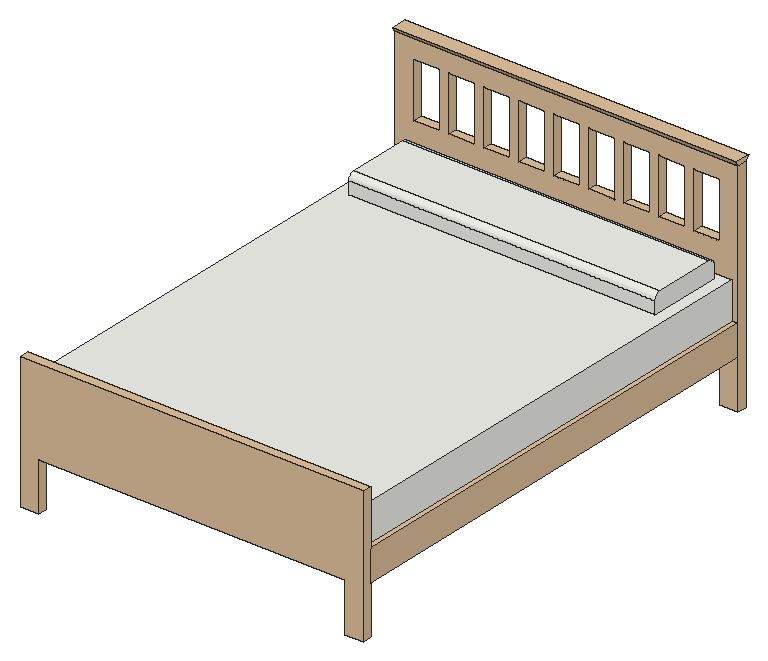
Revit family
Parameters (values of type "Double 56" x 78"")
  Assembly Code = "E2020200"
  Frame Material = Wood - Birch
  Length = 6' - 6"
  Mattress Material = Textile - White
  Width = 4' - 8"
Types (4): name | Length | Width
  Double 56" x 78" | 6' - 6" | 4' - 8"
  Twin 41" x 78" | 6' - 6" | 3' - 5"
  Queen 62" x 83" | 6' - 11" | 5' - 2"
  King 78" x 83" | 6' - 11" | 6' - 6"
Reference planes (in)
  plane 1 "Back": y = 0
  plane 2: z = 0
  plane 3 "Center (Left/Right)": x = -0.75
  plane 4: x = -28.75
  plane 5: x = 27.25
  plane 6 "Front": y = -78
  plane 7: z = 36
  plane 8: z = 19
  plane 9: x = 25.75
  plane 10: x = -25.75
  plane 11: x = 24.25
Forms (in)
  Extrusion 1, solid, material "Wood - Birch" <- "Frame Material"
    sketch origin (0, 0, 0) x (1, 0, 0) y (0, 0, 1)
      loop
        line (-28.7416, 36) -> (-28.7416, 0) -> (-25.75, 0) -> (-25.75, 8) -> (24.25, 8) -> (24.25, 0) -> (27.2605, 0) -> (27.2605, 36) -> (-28.7416, 36)
      loop
        line (-25.75, 33) -> (-25.75, 24) -> (-21.52778, 24) -> (-21.52778, 33) -> (-25.75, 33)
      loop
        line (-20.02778, 33) -> (-20.02778, 24) -> (-15.80556, 24) -> (-15.80556, 33) -> (-20.02778, 33)
      loop
        line (-14.30556, 33) -> (-14.30556, 24) -> (-10.08333, 24) -> (-10.08333, 33) -> (-14.30556, 33)
      loop
        line (-8.58333, 33) -> (-8.58333, 24) -> (-4.36111, 24) -> (-4.36111, 33) -> (-8.58333, 33)
      loop
        line (2.86111, 33) -> (2.86111, 24) -> (7.08333, 24) -> (7.08333, 33) -> (2.86111, 33)
      loop
        line (8.58333, 33) -> (8.58333, 24) -> (12.80556, 24) -> (12.80556, 33) -> (8.58333, 33)
      loop
        line (14.30556, 33) -> (14.30556, 24) -> (18.52778, 24) -> (18.52778, 33) -> (14.30556, 33)
      loop
        line (20.02778, 33) -> (20.02778, 24) -> (24.25, 24) -> (24.25, 33) -> (20.02778, 33)
      loop
        line (-2.86111, 33) -> (-2.86111, 24) -> (1.36111, 24) -> (1.36111, 33) -> (-2.86111, 33)
    from 0 to 1.5
  Extrusion 2, solid, material "Wood - Birch" <- "Frame Material"
    sketch origin (0, -78, 0) x (1, 0, 0) y (0, 0, 1)
      loop
        line (-28.75, 0) -> (-25.75, 0) -> (-25.75, 8) -> (24.25, 8) -> (24.25, 0) -> (27.25, 0) -> (27.25, 22) -> (-28.75, 22) -> (-28.75, 0)
    from 0 to -1.5
  Extrusion 3, solid, material "Wood - Birch" <- "Frame Material"
    sketch origin (0, 0, 0) x (0, -1, 0) y (0, 0, 1)
      loop
        line (1.5, 8.01478) -> (76.5, 8.01478) -> (76.5, 13.01478) -> (1.5, 13.01478) -> (1.5, 8.01478)
    from 27.75 to 28.75
  Extrusion 4, solid, material "Wood - Birch" <- "Frame Material"
    sketch origin (27.25, 0, 0) x (0, -1, 0) y (0, 0, 1)
      loop
        line (76.5, 7.99604) -> (76.5, 12.99604) -> (1.5, 12.99604) -> (1.5, 7.99604) -> (76.5, 7.99604)
    from 0 to 1
  Extrusion 5, solid, material "Textile - White" <- "Mattress Material"
    sketch origin (0, 0, 0) x (1, 0, 0) y (0, 1, 0)
      loop
        line (-27.75, -1.5) -> (-27.75, -76.5) -> (26.25, -76.5) -> (26.25, -1.5) -> (-27.75, -1.5)
    from 9 to 19
  Extrusion 6, solid, material "Textile - White" <- "Mattress Material"
    sketch origin (-28.75, 0, 0) x (0, -1, 0) y (0, 0, 1)
      loop
        line (2.69483, 19) -> (14.69483, 19) -> (14.69483, 21)
        arc (14.69483, 21) -> (14.40194, 21.70711) -> (13.69483, 22) r 1
        line (13.69483, 22) -> (3.69483, 22)
        arc (3.69483, 22) -> (2.98772, 21.70711) -> (2.69483, 21) r 1
        line (2.69483, 21) -> (2.69483, 19)
    from -53 to -3
  Sweep 7, solid, material "Wood - Birch" <- "Frame Material"
    path origin (0, 0, 0) x (1, 0, 0) y (0, 1, 0)
      loop
        line (-28.7416, 0) -> (27.2605, 0)
    profile origin (-0.74055, 0, 0) x (0, 1, 0) y (0, 0, 1)
      loop
        line (0, 36) -> (0.54545, 36.75) -> (-2.04545, 36.75) -> (-1.5, 36) -> (0, 36)
Lines and regions (in)
  Masking region 1
    outline origin (0, 0, 0) x (1, 0, 0) y (0, 1, 0)
      loop
        line (-28.75, 0) -> (-28.75, -78) -> (27.25, -78) -> (27.25, 0) -> (-28.75, 0)
  symbolic lines
    curve 1: line (27.25, -78, 0) -> (-28.7416, -78, 0)
    curve 2: line (27.25, 0, 0) -> (27.25, -78, 0)
    curve 3: line (-28.7416, 0, 0) -> (27.25, 0, 0)
    curve 4: line (-28.7416, -78, 0) -> (-28.7416, 0, 0)
    curve 5: line (27.25, -76.5, 0) -> (-28.7416, -76.5, 0)
    curve 6: line (27.25, -2.04545, 0) -> (-28.7416, -2.04545, 0)
    curve 7: line (24.25, -14.69483, 0) -> (-25.75, -14.69483, 0)
    curve 8: line (24.25, -2.69483, 0) -> (24.25, -14.69483, 0)
    curve 9: line (-25.75, -2.69483, 0) -> (24.25, -2.69483, 0)
    curve 10: line (-25.75, -14.69483, 0) -> (-25.75, -2.69483, 0)
Dimensions and locks (in)
  equal spacing: plane 4, plane 3 "Center (Left/Right)", plane 5
  "Width": plane 4 to plane 5
  "Length": plane 6 "Front" to plane 1 "Back"
  locked: Extrusion 1 sketch curve to Extrusion 1 sketch curve at 2.9916
  locked: Extrusion 1 sketch curve to Extrusion 1 sketch curve at 1.5  (x8)
  plane 2 to plane 7 = 3' - 0"
  locked: Extrusion 1 to plane 1 "Back" at 1.5
  locked: Extrusion 3 to plane 4 at 1  (x2)
  locked: plane 6 "Front" to Extrusion 3 sketch curve at 1.5
  locked: Extrusion 3 sketch curve to plane 1 "Back" at 1.5
  locked: plane 6 "Front" to Extrusion 4 sketch curve at 1.5
  locked: Extrusion 4 sketch curve to plane 1 "Back" at 1.5
  locked: Extrusion 4 to Extrusion 4 at 1
  locked: Extrusion 4 to plane 5 at 1
  locked: Extrusion 5 sketch curve to Extrusion 1 at 1.5
  locked: plane 6 "Front" to Extrusion 5 sketch curve at 1.5
  equal spacing: Extrusion 1 sketch curve, plane 3 "Center (Left/Right)", Extrusion 1 sketch curve
  equal spacing: plane 9, Extrusion 1 sketch curve, Extrusion 1 sketch curve, Extrusion 1 sketch curve, Extrusion 1 sketch curve, Extrusion 1 sketch curve, Extrusion 1 sketch curve, Extrusion 1 sketch curve, Extrusion 1 sketch curve, Extrusion 1 sketch curve
  locked: plane 9 to plane 5 at 1.5
  locked: plane 5 to Extrusion 1 sketch curve at 3
  locked: plane 4 to plane 10 at 3
  locked: plane 11 to plane 5 at 3
  aligned and locked: plane 7 to Extrusion 1 sketch curve
  aligned and locked: plane 4 to Extrusion 2 sketch curve
  aligned and locked: Extrusion 2 sketch curve to plane 5
  aligned and locked: plane 4 to Extrusion 3
  aligned and locked: Sweep 7 sketch curve to Extrusion 1  (x3)
  aligned and locked: Masking region 1 sketch curve to plane 4
  aligned and locked: plane 5 to Masking region 1 sketch curve
  aligned and locked: plane 1 "Back" to Masking region 1 sketch curve
  aligned and locked: Masking region 1 sketch curve to plane 6 "Front"
  aligned and locked: plane 10 to Extrusion 6
  aligned and locked: Extrusion 6 to plane 11
  aligned and locked: plane 11 to curve 8
  aligned and locked: curve 10 to plane 10
Automatic sketch dimensions
  Extrusion 1 sketch curve to level = 0' - 0"  (x2)
  Extrusion 1 sketch curve to plane 4 = 0' - 3"
  plane 5 to Extrusion 1 sketch curve = 0' - 3"
  level to Extrusion 1 sketch curve = 0' - 8"
  level to Extrusion 1 sketch curve = 2' - 0"
  Extrusion 1 sketch curve to Extrusion 1 sketch curve = 0' - 0"  (x12)
  Extrusion 1 sketch curve to Extrusion 1 sketch curve = 1' - 0"  (x2)
  plane 7 to Extrusion 1 sketch curve = 0' - 3"  (x3)
  Extrusion 1 sketch curve to plane 5 = 0' - 0.0105"
  Extrusion 2 sketch curve to level = 0' - 0"  (x2)
  Extrusion 2 sketch curve to plane 4 = 0' - 3"
  Extrusion 2 sketch curve to Extrusion 2 sketch curve = 0' - 3"
  level to Extrusion 2 sketch curve = 0' - 8"
  Extrusion 2 sketch curve to Extrusion 2 sketch curve = 1' - 2"
  level to Extrusion 3 sketch curve = 0' - 8.01478"
  Extrusion 3 sketch curve to Extrusion 3 sketch curve = 0' - 5"
  level to Extrusion 4 sketch curve = 0' - 7.99604"
  Extrusion 4 sketch curve to Extrusion 4 sketch curve = 0' - 5"
  Extrusion 5 sketch curve to plane 4 = 0' - 1"
  plane 5 to Extrusion 5 sketch curve = 0' - 1"
  Sweep 7 sketch curve to profile plane = 0' - 0"
  profile plane to Sweep 7 sketch curve = 0' - 1 1/2"
  Sweep 7 sketch curve to Sweep 7 sketch curve = 0' - 0.54545"
  Sweep 7 sketch curve to profile plane = 0' - 0.54545"
  level to Sweep 7 sketch curve = 3' - 0"
  Sweep 7 sketch curve to Sweep 7 sketch curve = 0' - 0 3/4"
  Extrusion 6 sketch curve to plane 8 = 0' - 0"
  plane 1 "Back" to Extrusion 6 sketch curve = 0' - 2.69483"
  Extrusion 6 sketch curve to Extrusion 6 sketch curve = 0' - 1"  (x2)
  plane 8 to Extrusion 6 sketch curve = 0' - 2"
  Extrusion 6 sketch curve to Extrusion 6 sketch curve = 0' - 10"
  curve 1 to plane 6 "Front" = 0' - 0"
  curve 4 to plane 1 "Back" = 0' - 0"
  curve 3 to plane 5 = 0' - 0"
  curve 5 to plane 4 = 0' - 0.0084"
  curve 1 to curve 5 = 0' - 1 1/2"
  plane 1 "Back" to curve 8 = 1' - 2.69483"
  plane 1 "Back" to curve 8 = 0' - 2.69483"
  plane 1 "Back" to curve 6 = 0' - 2.04545"
